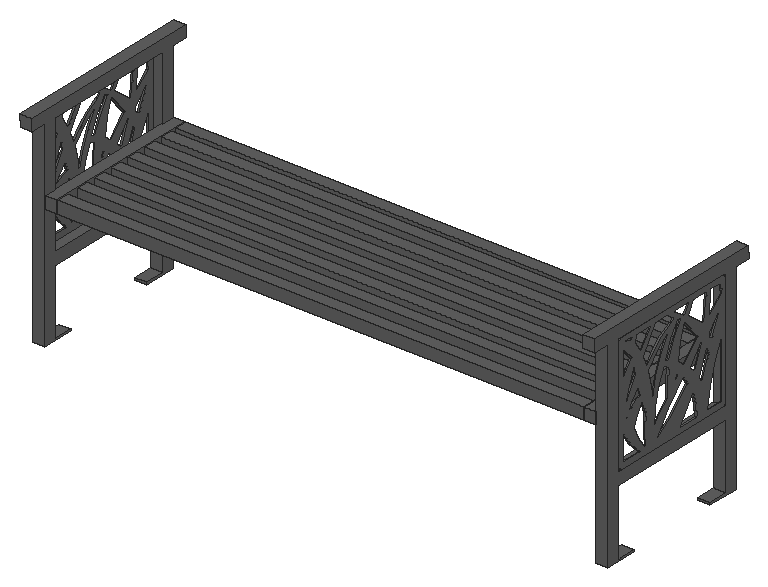
Revit family
Parameters (values of type "TG1-1100")
  URL = "http://www.sitescapesonline.com/index.asp"
  Type Comments = "Backless Bench"
  Side Panel Width = Length  # 6' - 0"
  Seat Panel Width = if(1 = 1, Length - 0' 6", 1' 0")  # 5' - 6"
  Product Page URL = "http://www.sitescapesonline.com/tallgrass-park-benches.asp"
  Product Documentation Link = "http://www.sitescapesonline.com/PDF/TG1-1100%20-%20Customer%20Print.PDF"
  Panel Seat Width = if(1 = 1, Length - 0' 6", 1' 0")  # 5' - 6"
  Panel Back Width = 5' - 7"
  Model = "TG1-1100"
  Manufacturer = "SiteScapes Inc."  # constant formula
  Length = 6' - 0"
  Height = 2' - 2 1/2"  # constant formula
  Frame Width = 5' - 9"
  Bench Material = Steel - SiteScapes - Powder Coat - Onyx
  Description = "TallGrass Pattern, Backless Bench, Six foot length, Steel Bar Ends"
  Depth = 2' - 0"  # constant formula
  Copyright © = "2010 SiteScapes Inc."  # constant formula
  Assembly Code = ""
  03 Seat Panel = Panel-Seat-SiteScapes-Square Tube : Square_Tube_Seat-6ft
Reference planes (in)
  plane 1 "Center Front/Back": y = 0
  plane 2 "Original Bottom": z = 0
  plane 3 "Center Left/Right": x = 0
  plane 4 "Left": x = -36
  plane 5 "Right": x = 36
  plane 6 "Side Panel Width L": x = -34.5
  plane 7 "Side Panel Width R": x = 34.5
  plane 8 "Front": y = -24
  plane 9 "Frame Side Origin F/B": y = 0
  plane 10 "Frame Side Origin T/B": z = 0
  plane 11 "Frame Back Origin F/B": y = 0
  plane 12 "Frame Back Origin T/B": z = 0
  plane 13 "Bracing Origin F/B": y = -22.0625
  plane 14 "Bracing Origin T/B": z = 17
  plane 15 "Panel Seat Origin F/B": y = -22
  plane 16 "Panel Seat Origin T/B": z = 17
  plane 17 "Panel Back Origin F/B": y = 0
  plane 18 "Panel Back Origin T/B": z = 0
  plane 19 "Panel Side Origin F/B": y = -3.5
  plane 20 "Panel Side Origin T/B": z = 10
  plane 21 "Top": z = 26.5
  plane 22 "Side Panel Right": x = 36
  plane 23 "Side Panel Left": x = -36
  plane 24 "Arm Rest Origin T/B": z = 0
  plane 25 "Arm Rest Origin F/B": y = -4.75
Dimensions and locks (in)
  equal spacing: plane 4 "Left", plane 3 "Center Left/Right", plane 5 "Right"
  "Length": plane 4 "Left" to plane 5 "Right"
  locked: plane 23 "Side Panel Left" to plane 6 "Side Panel Width L" at 1.5
  locked: plane 7 "Side Panel Width R" to plane 22 "Side Panel Right" at 1.5
  locked: plane 9 "Frame Side Origin F/B" to plane 1 "Center Front/Back" at 0
  locked: plane 17 "Panel Back Origin F/B" to plane 1 "Center Front/Back"
  locked: plane 11 "Frame Back Origin F/B" to plane 1 "Center Front/Back"
  locked: plane 19 "Panel Side Origin F/B" to plane 1 "Center Front/Back" at 3.5
  locked: plane 13 "Bracing Origin F/B" to plane 1 "Center Front/Back" at 22.0625
  locked: plane 15 "Panel Seat Origin F/B" to plane 1 "Center Front/Back" at 22
  "Depth": plane 8 "Front" to plane 1 "Center Front/Back"
  locked: plane 10 "Frame Side Origin T/B" to plane 2 "Original Bottom"
  locked: plane 12 "Frame Back Origin T/B" to plane 2 "Original Bottom"
  locked: plane 18 "Panel Back Origin T/B" to plane 2 "Original Bottom"
  locked: plane 14 "Bracing Origin T/B" to plane 2 "Original Bottom" at 17
  locked: plane 20 "Panel Side Origin T/B" to plane 2 "Original Bottom" at 10
  locked: plane 16 "Panel Seat Origin T/B" to plane 2 "Original Bottom" at 17
  "Height": plane 21 "Top" to plane 2 "Original Bottom"
  "Side Panel Width": plane 23 "Side Panel Left" to plane 22 "Side Panel Right"
  locked: plane 24 "Arm Rest Origin T/B" to plane 2 "Original Bottom"
  aligned and locked: level to plane 2 "Original Bottom"
  aligned: nested 1 to plane 5 "Right"
  aligned: plane 4 "Left" to nested 2
  aligned: nested 1 to plane 10 "Frame Side Origin T/B"
  aligned: nested 1 to plane 9 "Frame Side Origin F/B"
  aligned: plane 10 "Frame Side Origin T/B" to nested 1
  aligned and locked: nested 1 to plane 22 "Side Panel Right"
  aligned and locked: plane 23 "Side Panel Left" to nested 2
  aligned and locked: plane 20 "Panel Side Origin T/B" to nested 3
  aligned and locked: nested 3 to plane 19 "Panel Side Origin F/B"
  aligned and locked: nested 4 to plane 19 "Panel Side Origin F/B"
  aligned and locked: plane 20 "Panel Side Origin T/B" to nested 4
  aligned and locked: plane 23 "Side Panel Left" to nested 4
  aligned and locked: nested 3 to plane 22 "Side Panel Right"
  aligned and locked: plane 10 "Frame Side Origin T/B" to nested 2
  aligned and locked: nested 1 to plane 9 "Frame Side Origin F/B"
  aligned and locked: plane 10 "Frame Side Origin T/B" to nested 1
  aligned and locked: nested 2 to plane 9 "Frame Side Origin F/B"
  aligned and locked: plane 23 "Side Panel Left" to plane 4 "Left"
  aligned and locked: plane 3 "Center Left/Right" to nested 5
  aligned and locked: plane 16 "Panel Seat Origin T/B" to nested 5
  aligned and locked: nested 5 to plane 15 "Panel Seat Origin F/B"
Nested families (in)
  nested 1: "Frame-Side-SiteScapes-Backless_Wall_Steel_Tubing" at (35.25, 0, 0), type "24"x26 1/2""
    with Width 0' - 1 1/2"
  nested 2: "Frame-Side-SiteScapes-Backless_Wall_Steel_Tubing" at (-35.25, 0, 0), type "24"x26 1/2""
    with Width 0' - 1 1/2"
  nested 3: "Panel-Side-SiteScapes-Backless_Steel_Sheet_Metal_TG" at (35.90625, -3.5, 10), type "1' 8 3/4"x9 1/4""
  nested 4: "Panel-Side-SiteScapes-Backless_Steel_Sheet_Metal_TG" at (-35.90625, -3.5, 10), type "1' 8 3/4"x9 1/4""
  nested 5: "Panel-Seat-SiteScapes-Square Tube" at (0, -1.93572, 15.5), type <- "03 Seat Panel", type "Square_Tube_Seat-6ft"
    with Has Support Bars yes
Definition of nested family "Frame-Side-SiteScapes-Backless_Wall_Steel_Tubing"
  Parameters (values of type "24"x26 1/2"")
    Width = 0' - 1"
    URL = "http://www.sitescapesonline.com/index.asp"
    Product Page URL = ""
    Product Documentation Link = ""
    Material = none
    Manufacturer = "SiteScapes Inc."  # constant formula
    Legs Inset = 0' - 2"
    Frame Back Height = 2' - 9 7/8"
    Depth = 2' - 0"
    Copyright © = "2010 SiteScapes Inc."  # constant formula
    Bracing Height Inset = 0' - 10"
    Arm Rest Height = 2' - 2 1/2"
  Reference planes (in)
    plane 1 "Center (Front/Back)": y = 0
    plane 2 "Original Bottom": z = 0
    plane 3 "Center (Left/Right)": x = 0
    plane 4 "Left": x = -0.5
    plane 5 "Right": x = 0.5
    plane 6 "Right Offset": x = 0.75
    plane 7 "Left Offset": x = -0.75
    plane 8 "Bottom Base": z = 0.25
    plane 9 "Back Inset": y = -2
    plane 10 "Front": y = -24
    plane 11 "Front Inset": y = -22
    plane 12: z = 26.5
    plane 13: z = 10
    plane 14 "Leg Width Right": y = -3.5
    plane 15 "Leg Width Left": y = -20.5
    plane 16 "Frame Width Top": z = 25
    plane 17 "Bracing Width Bottom": z = 8.5
    plane 18 "Base Left": y = -18
    plane 19 "Base Rigght": y = -6
  Forms (in)
    Sweep 1, solid, material <- "Material", detail levels medium+fine
      path origin (0, 0, 0) x (1, 0, 0) y (0, 0, 1)
        loop
          line (0.5, 33.875) -> (-0.5, 33.875)
      profile origin (0, 0, 33.875) x (0, 0, -1) y (0, -1, 0)
        loop
          line (7.375, 0) -> (8.875, 0) -> (8.875, 2) -> (33.625, 2) -> (33.875, 2) -> (33.875, 6) -> (33.625, 6) -> (33.625, 3.5) -> (25.375, 3.5) -> (25.375, 20.5) -> (33.625, 20.5) -> (33.625, 18) -> (33.875, 18) -> (33.875, 22) -> (33.625, 22) -> (8.875, 22) -> (8.875, 24) -> (7.375, 24) -> (7.375, 0)
        loop
          line (23.875, 3.5) -> (23.875, 20.5) -> (8.875, 20.5) -> (8.875, 3.5) -> (23.875, 3.5)
  Lines and regions (in)
    Masking region 1, detail levels medium+fine
      outline origin (0, -27.75, 0) x (-1, 0, 0) y (0, 0, 1)
        loop
          line (0.5, 0) -> (0.5, 26.5) -> (-0.5, 26.5) -> (-0.5, 0) -> (0.5, 0)
    Masking region 2, detail levels medium+fine
      outline origin (0, 0, 0) x (0, 1, 0) y (0, 0, 1)
        loop
          line (-2, 0) -> (-2, 25) -> (0, 25) -> (0, 26.5) -> (-24, 26.5) -> (-24, 26.25) -> (-24, 25.25) -> (-24, 25) -> (-22, 25) -> (-22, 0) -> (-18, 0) -> (-18, 0.25) -> (-20.5, 0.25) -> (-20.5, 8.5) -> (-3.5, 8.5) -> (-3.5, 0.25) -> (-6, 0.25) -> (-6, 0) -> (-2, 0)
        loop
          line (-20.5, 25) -> (-20.5, 10) -> (-3.5, 10) -> (-3.5, 25) -> (-20.5, 25)
    Masking region 3, detail levels medium+fine
      outline origin (0, 0, 0) x (1, 0, 0) y (0, 1, 0)
        loop
          line (-0.5, 0) -> (-0.5, -24) -> (0.5, -24) -> (0.5, 0) -> (-0.5, 0)
    model lines, style "Bench Frame", detail levels coarse
      curve 1: line (0, -22, 26.5) -> (0, -22, 0)
      curve 2: line (0, -2, 0) -> (0, -2, 26.5)
      curve 3: line (0, -24, 26.5) -> (0, 0, 26.5)
      curve 4: line (0, -2, 10) -> (0, -22, 10)
  Dimensions and locks (in)
    equal spacing: plane 4 "Left", plane 3 "Center (Left/Right)", plane 5 "Right"
    "Width": plane 4 "Left" to plane 5 "Right"
    locked: plane 5 "Right" to plane 6 "Right Offset" at 0.25
    locked: plane 7 "Left Offset" to plane 4 "Left" at 0.25
    locked: plane 8 "Bottom Base" to plane 2 "Original Bottom" at 0.25
    "Arm Rest Height": plane 12 to plane 2 "Original Bottom"
    "Bracing Height Inset": plane 13 to plane 2 "Original Bottom"
    "Legs Inset": plane 10 "Front" to plane 11 "Front Inset"
    "Legs Inset": plane 9 "Back Inset" to plane 1 "Center (Front/Back)"
    "Depth": plane 10 "Front" to plane 1 "Center (Front/Back)"
    locked: plane 14 "Leg Width Right" to plane 9 "Back Inset" at 1.5
    locked: plane 11 "Front Inset" to plane 15 "Leg Width Left" at 1.5
    locked: plane 12 to plane 16 "Frame Width Top" at 1.5
    locked: plane 13 to plane 17 "Bracing Width Bottom" at 1.5
    locked: plane 11 "Front Inset" to plane 18 "Base Left" at 4
    locked: plane 19 "Base Rigght" to plane 9 "Back Inset" at 4
    aligned and locked: plane 2 "Original Bottom" to level
    aligned and locked: plane 5 "Right" to Sweep 1 sketch curve
    aligned and locked: plane 4 "Left" to Sweep 1 sketch curve
    aligned: Masking region 1 to plane 6 "Right Offset"  (x2)
    aligned: Masking region 1 to plane 7 "Left Offset"  (x2)
    aligned and locked: Masking region 1 to plane 5 "Right"
    aligned and locked: Masking region 1 to plane 4 "Left"
    aligned and locked: level to Masking region 1
    aligned: Masking region 1 to Sweep 1  (x3)
    aligned: Masking region 1 to plane 8 "Bottom Base"  (x2)
    aligned: Sweep 1 to plane 9 "Back Inset"
    aligned: Sweep 1 to plane 1 "Center (Front/Back)"
    aligned: Sweep 1 to plane 10 "Front"
    aligned: Masking region 2 to plane 9 "Back Inset"
    aligned: Masking region 2 to plane 1 "Center (Front/Back)"
    aligned: plane 11 "Front Inset" to Sweep 1
    aligned: Sweep 1 to Masking region 2  (x3)
    aligned: Masking region 2 to Sweep 1  (x6)
    aligned: Masking region 2 to plane 10 "Front"
    aligned: plane 8 "Bottom Base" to Masking region 2
    aligned: plane 11 "Front Inset" to Masking region 2
    aligned: Masking region 2 to level  (x2)
    aligned: Masking region 3 to Sweep 1  (x2)
    aligned and locked: Masking region 3 to Sweep 1
    aligned and locked: plane 12 to Sweep 1
    aligned and locked: plane 13 to Sweep 1
    aligned and locked: Masking region 1 to plane 12
    aligned and locked: plane 13 to curve 4
    aligned and locked: Masking region 2 sketch curve to plane 14 "Leg Width Right"  (x2)
    aligned and locked: plane 9 "Back Inset" to Masking region 2 sketch curve
    aligned and locked: Masking region 2 sketch curve to plane 1 "Center (Front/Back)"
    aligned and locked: plane 15 "Leg Width Left" to Masking region 2 sketch curve  (x2)
    aligned and locked: Masking region 2 sketch curve to plane 11 "Front Inset"
    aligned and locked: Masking region 2 sketch curve to plane 10 "Front"
    aligned and locked: plane 8 "Bottom Base" to Masking region 2 sketch curve  (x2)
    aligned and locked: Masking region 2 sketch curve to plane 2 "Original Bottom"  (x2)
    aligned and locked: plane 13 to Masking region 2 sketch curve
    aligned and locked: plane 12 to Masking region 2 sketch curve
    aligned and locked: Masking region 2 sketch curve to plane 16 "Frame Width Top"  (x3)
    aligned and locked: plane 15 "Leg Width Left" to Sweep 1 sketch curve  (x2)
    aligned and locked: Sweep 1 sketch curve to plane 14 "Leg Width Right"
    aligned and locked: plane 14 "Leg Width Right" to Sweep 1 sketch curve
    aligned and locked: Sweep 1 sketch curve to plane 11 "Front Inset"
    aligned and locked: plane 9 "Back Inset" to Sweep 1 sketch curve
    aligned and locked: plane 1 "Center (Front/Back)" to Sweep 1 sketch curve
    aligned and locked: plane 12 to Sweep 1 sketch curve
    aligned and locked: plane 16 "Frame Width Top" to Sweep 1 sketch curve
    aligned and locked: Sweep 1 sketch curve to plane 16 "Frame Width Top"
    aligned and locked: plane 10 "Front" to Sweep 1 sketch curve
    aligned and locked: Sweep 1 sketch curve to plane 2 "Original Bottom"
    aligned and locked: plane 8 "Bottom Base" to Sweep 1 sketch curve
    aligned and locked: plane 13 to Sweep 1 sketch curve
    aligned and locked: curve 3 to plane 12
    aligned and locked: plane 9 "Back Inset" to curve 2
    aligned and locked: curve 1 to plane 11 "Front Inset"
    aligned and locked: plane 18 "Base Left" to Masking region 2 sketch curve
    aligned and locked: Masking region 2 sketch curve to plane 19 "Base Rigght"
    aligned and locked: Sweep 1 sketch curve to plane 19 "Base Rigght"
    aligned and locked: plane 18 "Base Left" to Sweep 1 sketch curve
    aligned and locked: Sweep 1 sketch curve to plane 17 "Bracing Width Bottom"
    aligned and locked: plane 10 "Front" to curve 3
    aligned and locked: plane 1 "Center (Front/Back)" to curve 3
    aligned and locked: plane 5 "Right" to Masking region 1 sketch curve
    aligned and locked: plane 4 "Left" to Masking region 1 sketch curve
    aligned and locked: Masking region 1 sketch curve to plane 12
    aligned and locked: Masking region 1 sketch curve to plane 2 "Original Bottom"
    aligned and locked: plane 1 "Center (Front/Back)" to Masking region 3 sketch curve
    aligned and locked: plane 10 "Front" to Masking region 3 sketch curve
    aligned and locked: Masking region 3 sketch curve to plane 4 "Left"
    aligned and locked: Masking region 3 sketch curve to plane 5 "Right"
  Automatic sketch dimensions
    plane 12 to Sweep 1 sketch curve = 0' - 7 3/8"
    Masking region 2 sketch curve to plane 13 = 0' - 1 1/2"
    plane 16 "Frame Width Top" to Masking region 2 sketch curve = 0' - 0 1/4"
    Masking region 2 sketch curve to plane 12 = 0' - 0 1/4"
    Sweep 1 sketch curve to Sweep 1 sketch curve = 0' - 0"  (x3)
    Sweep 1 sketch curve to Sweep 1 sketch curve = 0' - 8 1/4"
    Sweep 1 sketch curve to Sweep 1 sketch curve = 0' - 0 1/4"
    curve 2 to level = 0' - 0"
    curve 1 to level = 0' - 0"
Definition of nested family "Panel-Side-SiteScapes-Backless_Steel_Sheet_Metal_TG"
  Parameters (values of type "1' 8 3/4"x9 1/4"")
    Thickness = 0' - 0 3/16"
    Product Page URL = ""
    Product Documentation Link = ""
    Material = none
    Height = 1' - 2.88"
    Depth = 1' - 4.88"
    Copyright © = ""
  Reference planes (in)
    plane 1 "Center (Front/Back)": y = 0
    plane 2 "Original Bottom": z = 0
    plane 3 "Center (Left/Right)": x = 0
    plane 4 "Left": x = -0.09375
    plane 5 "Right": x = 0.09375
    plane 6 "Front": y = -16.88
    plane 7 "Front Inset": y = -16.13
    plane 8 "Back Inset": y = -0.75
    plane 9 "Top Inset": z = 8.5
    plane 10 "Top": z = 14.88
    plane 11 "Inset": z = 14.16875
    plane 12 "Bottom Inset": z = 0.71125
  Forms (in)
    Sweep 1, solid, material <- "Material", detail levels medium+fine
      path origin (0, 0, 0) x (1, 0, 0) y (0, 0, 1)
        loop
          line (0.09375, 9.25) -> (-0.09375, 9.25)
      profile origin (0, 0, 9.25) x (0, 0, -1) y (0, -1, 0)
        loop
          line (-5.63, 0.41795) -> (-5.13193, 0.00003) -> (8.75, 0.00003) -> (9.25, 0.50003) -> (9.25, 16.38003) -> (8.75, 16.88003) -> (-5.13, 16.88003) -> (-5.63, 16.38003) -> (-5.63, 0.41795)
        loop
          arc (-4.49238, 14.66787) -> (-4.76259, 15.39326) -> (-5, 16.13003) r 17.25635
          line (-5, 16.13003) -> (-5, 14.5756)
          arc (-5, 14.5756) -> (-4.74605, 14.62097) -> (-4.49238, 14.66787) r 42.89899
        loop
          arc (-2.61644, 14.803) -> (-1.6961, 15.48454) -> (-0.75012, 16.13003) r 29.65268
          arc (-0.75012, 16.13003) -> (-2.42466, 16.111) -> (-4.0992, 16.13003) r 73.69906
          arc (-4.0992, 16.13003) -> (-3.38316, 15.43821) -> (-2.61644, 14.803) r 13.04859
        loop
          arc (-5, 11.60066) -> (-3.84987, 12.49246) -> (-2.65737, 13.32674) r 29.65268
          arc (-2.65737, 13.32674) -> (-3.40649, 13.75256) -> (-4.13342, 14.21525) r 17.25635
          arc (-4.13342, 14.21525) -> (-4.56658, 14.16819) -> (-5, 14.12369) r 73.69906
          line (-5, 14.12369) -> (-5, 11.60066)
        loop
          line (-5, 11.09869) -> (-5, 9.20696)
          arc (-5, 9.20696) -> (-4.61098, 8.62976) -> (-4.207, 8.06293) r 26.61382
          arc (-4.207, 8.06293) -> (-4.01398, 8.35133) -> (-3.81501, 8.63565) r 16.68948
          arc (-3.81501, 8.63565) -> (-2.41048, 10.70295) -> (-0.55568, 12.3781) r 10.46148
          arc (-0.55568, 12.3781) -> (-1.24478, 12.65338) -> (-1.92141, 12.95803) r 17.25635
          arc (-1.92141, 12.95803) -> (-3.49558, 12.0861) -> (-5, 11.09869) r 24.00325
        loop
          arc (-5, 5.61732) -> (-4.3735, 6.06994) -> (-3.71805, 6.47952) r 11.51673
          arc (-3.71805, 6.47952) -> (-4.37632, 7.37986) -> (-5, 8.3045) r 29.42867
          line (-5, 8.3045) -> (-5, 5.61732)
        loop
          arc (-1.51765, 3.41993) -> (-2.56689, 4.70652) -> (-3.54298, 6.04946) r 29.84953
          arc (-3.54298, 6.04946) -> (-4.28196, 5.65306) -> (-5, 5.21988) r 16.61277
          line (-5, 5.21988) -> (-5, 3.02736)
          arc (-5, 3.02736) -> (-3.24981, 3.14365) -> (-1.51765, 3.41993) r 19.11033
        loop
          arc (-3.59337, 0.63003) -> (-2.78503, 1.64998) -> (-1.92141, 2.62357) r 23.47604
          arc (-1.92141, 2.62357) -> (-3.45848, 2.50644) -> (-5, 2.50816) r 19.98036
          line (-5, 2.50816) -> (-5, 0.87994)
          arc (-5, 0.87994) -> (-4.29793, 0.74796) -> (-3.59337, 0.63003) r 35.78406
        loop
          arc (-2.66684, 0.63003) -> (-1.00368, 1.503) -> (0.71702, 2.25623) r 26.55594
          arc (0.71702, 2.25623) -> (0.47589, 2.49666) -> (0.2376, 2.73991) r 29.01253
          arc (0.2376, 2.73991) -> (0.02542, 2.73878) -> (-0.18677, 2.73991) r 19.92116
          arc (-0.18677, 2.73991) -> (-1.46952, 1.73517) -> (-2.66684, 0.63003) r 20.13805
        loop
          arc (-0.43199, 4.39302) -> (0.68887, 5.50164) -> (1.88162, 6.53254) r 23.47604
          arc (1.88162, 6.53254) -> (1.36187, 7.00926) -> (0.89014, 7.53355) r 7.36036
          arc (0.89014, 7.53355) -> (-1.13132, 7.20045) -> (-3.0978, 6.62578) r 16.94182
          arc (-3.0978, 6.62578) -> (-1.8014, 5.46581) -> (-0.43199, 4.39302) r 26.61382
        loop
          arc (-3.54298, 7.06118) -> (-1.71897, 8.16522) -> (0.2376, 9.0124) r 15.72707
          line (0.2376, 9.0124) -> (-0.06295, 9.64502)
          arc (-0.06295, 9.64502) -> (-2.11436, 8.74095) -> (-4.00322, 7.53355) r 14.60322
          arc (-4.00322, 7.53355) -> (-3.77456, 7.29594) -> (-3.54298, 7.06118) r 26.61382
        loop
          arc (-3.31043, 8.80059) -> (0.00942, 10.54089) -> (3.63393, 11.49639) r 16.68948
          arc (3.63393, 11.49639) -> (1.76688, 11.73626) -> (-0.06295, 12.17806) r 17.25635
          arc (-0.06295, 12.17806) -> (-1.85051, 10.64684) -> (-3.31043, 8.80059) r 12.18885
        loop
          arc (-0.47845, 14.04714) -> (1.36789, 15.22835) -> (3.3657, 16.13003) r 15.11108
          arc (3.3657, 16.13003) -> (0.78178, 15.40965) -> (-1.70563, 14.40545) r 24.00325
          arc (-1.70563, 14.40545) -> (-1.09643, 14.21126) -> (-0.47845, 14.04714) r 13.04859
        loop
          arc (2.22276, 13.32674) -> (2.76596, 14.71218) -> (3.8272, 15.75539) r 3.56669
          arc (3.8272, 15.75539) -> (2.37138, 14.86278) -> (1.05459, 13.77547) r 12.18885
          arc (1.05459, 13.77547) -> (1.63329, 13.5371) -> (2.22276, 13.32674) r 13.04859
        loop
          arc (2.9473, 13.11408) -> (3.69401, 12.8451) -> (4.45501, 12.61971) r 13.73188
          arc (4.45501, 12.61971) -> (6.48191, 12.68245) -> (8.5, 12.48356) r 15.70934
          arc (8.5, 12.48356) -> (7.02304, 13.57868) -> (5.37111, 14.38601) r 10.03755
          arc (5.37111, 14.38601) -> (4.08467, 13.89208) -> (2.9473, 13.11408) r 5.91904
        loop
          arc (5.30202, 16.13003) -> (7.01106, 14.93519) -> (8.5, 13.47522) r 12.6195
          line (8.5, 13.47522) -> (8.5, 16.13003) -> (5.30202, 16.13003)
        loop
          arc (0.47979, 9.8006) -> (0.67503, 9.40133) -> (0.89014, 9.0124) r 8.82194
          arc (0.89014, 9.0124) -> (2.66895, 9.17753) -> (4.45501, 9.13986) r 15.72707
          arc (4.45501, 9.13986) -> (5.52034, 10.29232) -> (6.76104, 11.25345) r 9.48992
          arc (6.76104, 11.25345) -> (3.53924, 10.87798) -> (0.47979, 9.8006) r 14.60322
        loop
          arc (2.51128, 7.43159) -> (2.91589, 7.86105) -> (3.40068, 8.19738) r 2.83302
          arc (3.40068, 8.19738) -> (2.80276, 8.058) -> (2.22276, 7.85665) r 5.84228
          arc (2.22276, 7.85665) -> (2.36887, 7.64537) -> (2.51128, 7.43159) r 14.83021
        loop
          arc (8.5, 11.06592) -> (5.53685, 9.17645) -> (2.9473, 6.80062) r 20.13805
          arc (2.9473, 6.80062) -> (3.47943, 6.40449) -> (4.03983, 6.04946) r 8.82194
          arc (4.03983, 6.04946) -> (6.4919, 8.36033) -> (8.5, 11.06592) r 19.11033
        loop
          line (8.5, 4.61807) -> (8.5, 7.39095)
          arc (8.5, 7.39095) -> (6.99981, 6.24512) -> (5.39695, 5.24798) r 19.7213
          arc (5.39695, 5.24798) -> (6.91998, 4.79267) -> (8.5, 4.61807) r 8.82194
        loop
          arc (3.32382, 4.854) -> (2.90264, 5.24571) -> (2.51334, 5.6691) r 7.36036
          arc (2.51334, 5.6691) -> (1.34423, 4.83446) -> (0.2376, 3.91859) r 20.13805
          arc (0.2376, 3.91859) -> (0.35277, 3.84007) -> (0.46836, 3.76215) r 26.61382
          arc (0.46836, 3.76215) -> (1.91795, 4.25088) -> (3.32382, 4.854) r 19.11033
        loop
          arc (2.10532, 2.74868) -> (3.54338, 3.29892) -> (5.01091, 3.7649) r 26.55594
          arc (5.01091, 3.7649) -> (4.61111, 3.96638) -> (4.2243, 4.1918) r 7.36036
          arc (4.2243, 4.1918) -> (2.80739, 3.6383) -> (1.35238, 3.19452) r 19.92116
          arc (1.35238, 3.19452) -> (1.72702, 2.9685) -> (2.10532, 2.74868) r 26.61382
        loop
          line (0.87878, 0.63003) -> (8.5, 0.63003) -> (8.5, 2.94169)
          arc (8.5, 2.94169) -> (4.55446, 2.2307) -> (0.87878, 0.63003) r 17.28796
  Lines and regions (in)
    Masking region 1, detail levels medium+fine
      outline origin (0, 0, 8.5) x (0, -1, 0) y (1, 0, 0)
        loop
          line (0, -0.09375) -> (16.88, -0.09375) -> (16.88, 0.09375) -> (0, 0.09375) -> (0, -0.09375)
    Masking region 2, detail levels medium+fine
      outline origin (0, 0, 0) x (1, 0, 0) y (0, 0, 1)
        loop
          line (-0.09375, 9.25) -> (-0.09375, 0) -> (0.09375, 0) -> (0.09375, 9.25) -> (-0.09375, 9.25)
    Masking region 3, detail levels medium+fine
      outline origin (0, -16.88, 0) x (-1, 0, 0) y (0, 0, 1)
        loop
          line (0.09375, 8.5) -> (-0.09375, 8.5) -> (-0.09375, 0) -> (0.09375, 0) -> (0.09375, 8.5)
        loop
          line (0.09375, 14.88) -> (-0.09375, 14.88) -> (-0.09375, 9.25) -> (0.09375, 9.25) -> (0.09375, 14.88)
        loop
          line (0.09375, 9.20224) -> (-0.09375, 9.20224) -> (-0.09375, 8.55177) -> (0.09375, 8.55177) -> (0.09375, 9.20224)
    Masking region 4, detail levels medium+fine
      outline origin (0, 0, 0) x (1, 0, 0) y (0, 1, 0)
        loop
          line (-0.09375, 0.51004) -> (-0.09375, 0.09209) -> (0.09375, 0.09209) -> (0.09375, 0.51004) -> (-0.09375, 0.51004)
        loop
          line (-0.09375, -16.88) -> (0.09375, -16.88) -> (0.09375, 0) -> (-0.09375, 0) -> (-0.09375, -16.88)
    Masking region 5, detail levels medium+fine
      outline origin (0, 0, 0) x (0, 1, 0) y (0, 0, 1)
        loop
          line (-0.00003, 14.38193) -> (-0.41795, 14.88) -> (-16.38003, 14.88) -> (-16.88003, 14.38) -> (-16.88003, 0.5) -> (-16.38003, 0) -> (-0.50003, 0) -> (-0.00003, 0.5) -> (-0.00003, 14.38193)
        loop
          arc (-14.66787, 13.74238) -> (-14.62097, 13.99605) -> (-14.5756, 14.25) r 42.89899
          line (-14.5756, 14.25) -> (-16.13003, 14.25)
          arc (-16.13003, 14.25) -> (-15.39326, 14.01259) -> (-14.66787, 13.74238) r 17.25635
        loop
          line (-11.60066, 14.25) -> (-14.12369, 14.25)
          arc (-14.12369, 14.25) -> (-14.16819, 13.81658) -> (-14.21525, 13.38342) r 73.69906
          arc (-14.21525, 13.38342) -> (-13.75256, 12.65649) -> (-13.32674, 11.90737) r 17.25635
          arc (-13.32674, 11.90737) -> (-12.49246, 13.09987) -> (-11.60066, 14.25) r 29.65268
        loop
          arc (-8.63565, 13.06501) -> (-8.35133, 13.26398) -> (-8.06293, 13.457) r 16.68948
          arc (-8.06293, 13.457) -> (-8.62976, 13.86098) -> (-9.20696, 14.25) r 26.61382
          line (-9.20696, 14.25) -> (-11.09869, 14.25)
          arc (-11.09869, 14.25) -> (-12.0861, 12.74558) -> (-12.95803, 11.17141) r 24.00325
          arc (-12.95803, 11.17141) -> (-12.65338, 10.49478) -> (-12.3781, 9.80568) r 17.25635
          arc (-12.3781, 9.80568) -> (-10.70295, 11.66048) -> (-8.63565, 13.06501) r 10.46148
        loop
          line (-5.61732, 14.25) -> (-8.3045, 14.25)
          arc (-8.3045, 14.25) -> (-7.37986, 13.62632) -> (-6.47952, 12.96805) r 29.42867
          arc (-6.47952, 12.96805) -> (-6.06994, 13.6235) -> (-5.61732, 14.25) r 11.51673
        loop
          line (-3.02736, 14.25) -> (-5.21988, 14.25)
          arc (-5.21988, 14.25) -> (-5.65306, 13.53196) -> (-6.04946, 12.79298) r 16.61277
          arc (-6.04946, 12.79298) -> (-4.70652, 11.81689) -> (-3.41993, 10.76765) r 29.84953
          arc (-3.41993, 10.76765) -> (-3.14365, 12.49981) -> (-3.02736, 14.25) r 19.11033
        loop
          arc (-0.63003, 12.84337) -> (-0.74796, 13.54793) -> (-0.87994, 14.25) r 35.78406
          line (-0.87994, 14.25) -> (-2.50816, 14.25)
          arc (-2.50816, 14.25) -> (-2.50644, 12.70848) -> (-2.62357, 11.17141) r 19.98036
          arc (-2.62357, 11.17141) -> (-1.64998, 12.03503) -> (-0.63003, 12.84337) r 23.47604
        loop
          arc (-0.63003, 11.91684) -> (-1.73517, 10.71952) -> (-2.73991, 9.43677) r 20.13805
          arc (-2.73991, 9.43677) -> (-2.73878, 9.22458) -> (-2.73991, 9.0124) r 19.92116
          arc (-2.73991, 9.0124) -> (-2.49666, 8.77411) -> (-2.25623, 8.53298) r 29.01253
          arc (-2.25623, 8.53298) -> (-1.503, 10.25368) -> (-0.63003, 11.91684) r 26.55594
        loop
          arc (-14.803, 11.86644) -> (-15.43821, 12.63316) -> (-16.13003, 13.3492) r 13.04859
          arc (-16.13003, 13.3492) -> (-16.111, 11.67466) -> (-16.13003, 10.00012) r 73.69906
          arc (-16.13003, 10.00012) -> (-15.48454, 10.9461) -> (-14.803, 11.86644) r 29.65268
        loop
          arc (-14.04714, 9.72845) -> (-14.21126, 10.34643) -> (-14.40545, 10.95563) r 13.04859
          arc (-14.40545, 10.95563) -> (-15.40965, 8.46822) -> (-16.13003, 5.8843) r 24.00325
          arc (-16.13003, 5.8843) -> (-15.22835, 7.88211) -> (-14.04714, 9.72845) r 15.11108
        loop
          arc (-8.80059, 12.56043) -> (-10.64684, 11.10051) -> (-12.17806, 9.31295) r 12.18885
          arc (-12.17806, 9.31295) -> (-11.73626, 7.48312) -> (-11.49639, 5.61607) r 17.25635
          arc (-11.49639, 5.61607) -> (-10.54089, 9.24058) -> (-8.80059, 12.56043) r 16.68948
        loop
          arc (-7.06118, 12.79298) -> (-7.29594, 13.02456) -> (-7.53355, 13.25322) r 26.61382
          arc (-7.53355, 13.25322) -> (-8.74095, 11.36436) -> (-9.64502, 9.31295) r 14.60322
          line (-9.64502, 9.31295) -> (-9.0124, 9.0124)
          arc (-9.0124, 9.0124) -> (-8.16522, 10.96897) -> (-7.06118, 12.79298) r 15.72707
        loop
          arc (-4.39302, 9.68199) -> (-5.46581, 11.0514) -> (-6.62578, 12.3478) r 26.61382
          arc (-6.62578, 12.3478) -> (-7.20045, 10.38132) -> (-7.53355, 8.35986) r 16.94182
          arc (-7.53355, 8.35986) -> (-7.00926, 7.88813) -> (-6.53254, 7.36838) r 7.36036
          arc (-6.53254, 7.36838) -> (-5.50164, 8.56113) -> (-4.39302, 9.68199) r 23.47604
        loop
          arc (-3.76215, 8.78164) -> (-3.84007, 8.89723) -> (-3.91859, 9.0124) r 26.61382
          arc (-3.91859, 9.0124) -> (-4.83446, 7.90577) -> (-5.6691, 6.73666) r 20.13805
          arc (-5.6691, 6.73666) -> (-5.24571, 6.34736) -> (-4.854, 5.92618) r 7.36036
          arc (-4.854, 5.92618) -> (-4.25088, 7.33205) -> (-3.76215, 8.78164) r 19.11033
        loop
          arc (-2.74868, 7.14468) -> (-2.9685, 7.52298) -> (-3.19452, 7.89762) r 26.61382
          arc (-3.19452, 7.89762) -> (-3.6383, 6.44261) -> (-4.1918, 5.0257) r 19.92116
          arc (-4.1918, 5.0257) -> (-3.96638, 4.63889) -> (-3.7649, 4.23909) r 7.36036
          arc (-3.7649, 4.23909) -> (-3.29892, 5.70662) -> (-2.74868, 7.14468) r 26.55594
        loop
          line (-2.94169, 0.75) -> (-0.63003, 0.75) -> (-0.63003, 8.37122)
          arc (-0.63003, 8.37122) -> (-2.2307, 4.69554) -> (-2.94169, 0.75) r 17.28796
        loop
          arc (-5.24798, 3.85305) -> (-6.24512, 2.25019) -> (-7.39095, 0.75) r 19.7213
          line (-7.39095, 0.75) -> (-4.61807, 0.75)
          arc (-4.61807, 0.75) -> (-4.79267, 2.33002) -> (-5.24798, 3.85305) r 8.82194
        loop
          arc (-6.04946, 5.21017) -> (-6.40449, 5.77057) -> (-6.80062, 6.3027) r 8.82194
          arc (-6.80062, 6.3027) -> (-9.17645, 3.71315) -> (-11.06592, 0.75) r 20.13805
          arc (-11.06592, 0.75) -> (-8.36033, 2.7581) -> (-6.04946, 5.21017) r 19.11033
        loop
          arc (-7.43159, 6.73872) -> (-7.64537, 6.88113) -> (-7.85665, 7.02724) r 14.83021
          arc (-7.85665, 7.02724) -> (-8.058, 6.44724) -> (-8.19738, 5.84932) r 5.84228
          arc (-8.19738, 5.84932) -> (-7.86105, 6.33411) -> (-7.43159, 6.73872) r 2.83302
        loop
          arc (-9.13986, 4.79499) -> (-9.17753, 6.58105) -> (-9.0124, 8.35986) r 15.72707
          arc (-9.0124, 8.35986) -> (-9.40133, 8.57497) -> (-9.8006, 8.77021) r 8.82194
          arc (-9.8006, 8.77021) -> (-10.87798, 5.71076) -> (-11.25345, 2.48896) r 14.60322
          arc (-11.25345, 2.48896) -> (-10.29232, 3.72966) -> (-9.13986, 4.79499) r 9.48992
        loop
          line (-16.13003, 3.94798) -> (-16.13003, 0.75) -> (-13.47522, 0.75)
          arc (-13.47522, 0.75) -> (-14.93519, 2.23894) -> (-16.13003, 3.94798) r 12.6195
        loop
          arc (-12.61971, 4.79499) -> (-12.8451, 5.55599) -> (-13.11408, 6.3027) r 13.73188
          arc (-13.11408, 6.3027) -> (-13.89208, 5.16533) -> (-14.38601, 3.87889) r 5.91904
          arc (-14.38601, 3.87889) -> (-13.57868, 2.22696) -> (-12.48356, 0.75) r 10.03755
          arc (-12.48356, 0.75) -> (-12.68245, 2.76809) -> (-12.61971, 4.79499) r 15.70934
        loop
          arc (-13.32674, 7.02724) -> (-13.5371, 7.61671) -> (-13.77547, 8.19541) r 13.04859
          arc (-13.77547, 8.19541) -> (-14.86278, 6.87862) -> (-15.75539, 5.4228) r 12.18885
          arc (-15.75539, 5.4228) -> (-14.71218, 6.48404) -> (-13.32674, 7.02724) r 3.56669
    model lines, style "Bench Panel", detail levels coarse
      curve 1: arc (0, -16.50501, 14.11637) -> (0, -12.23082, 7.89929) -> (0, -12.11225, 0.35563) r 13.04859
      curve 2: line (0, -16.50501, 0.35563) -> (0, -0.31501, 0.35563)
      curve 3: line (0, -16.50501, 14.565) -> (0, -16.50501, 0.35563)
      curve 4: line (0, -0.31501, 14.565) -> (0, -16.50501, 14.565)
      curve 5: line (0, -0.31501, 0.35563) -> (0, -0.31501, 14.565)
      curve 6: arc (0, -16.50501, 5.77252) -> (0, -14.86847, 2.79145) -> (0, -12.49533, 0.35563) r 12.6195
      curve 7: arc (0, -15.28121, 3.38375) -> (0, -14.18223, 5.82542) -> (0, -12.11979, 7.533) r 5.91904
      curve 8: arc (0, -13.20229, 10.17248) -> (0, -14.895, 7.56566) -> (0, -16.01855, 4.66766) r 15.11108
      curve 9: arc (0, -16.50501, 7.36636) -> (0, -15.65373, 9.82098) -> (0, -14.54213, 12.16922) r 24.00325
      curve 10: arc (0, -14.54213, 12.16922) -> (0, -14.38707, 13.36213) -> (0, -14.3746, 14.565) r 10.12302
      curve 11: arc (0, -13.46908, 10.63916) -> (0, -12.38865, 12.65815) -> (0, -11.12074, 14.565) r 24.00325
      curve 12: arc (0, -1.74299, 7.85924) -> (0, -5.27579, 11.54515) -> (0, -9.39249, 14.565) r 29.42867
      curve 13: arc (0, -10.25459, 8.98945) -> (0, -9.23724, 11.37129) -> (0, -7.81511, 13.53594) r 14.60322
      curve 14: arc (0, -11.61704, 4.263) -> (0, -11.13625, 6.684) -> (0, -10.25459, 8.98945) r 14.60322
      curve 15: arc (0, -8.20027, 13.02741) -> (0, -10.72598, 11.39036) -> (0, -12.68107, 9.10194) r 10.46148
      curve 16: arc (0, -2.64754, 14.565) -> (0, -4.34057, 6.77628) -> (0, -9.06346, 0.35563) r 19.11033
      curve 17: arc (0, -10.23506, 9.04898) -> (0, -5.68893, 5.9449) -> (0, -3.86807, 0.75) r 8.82194
      curve 18: arc (0, -11.76591, 0.35563) -> (0, -8.28776, 5.33517) -> (0, -3.48308, 9.05113) r 20.13805
      curve 19: arc (0, -7.16377, 13.06732) -> (0, -8.53837, 9.04172) -> (0, -8.78385, 4.79499) r 15.72707
      curve 20: arc (0, -0.31501, 10.46837) -> (0, -2.58007, 5.63187) -> (0, -3.40679, 0.35563) r 18.96356
      curve 21: arc (0, -3.30963, 9.65335) -> (0, -1.95111, 11.28945) -> (0, -0.31501, 12.64796) r 11.52039
  Dimensions and locks (in)
    equal spacing: plane 4 "Left", plane 3 "Center (Left/Right)", plane 5 "Right"
    "Thickness": plane 4 "Left" to plane 5 "Right"
    "Depth": plane 6 "Front" to plane 1 "Center (Front/Back)"
    locked: plane 8 "Back Inset" to plane 1 "Center (Front/Back)" at 0.75
    locked: plane 6 "Front" to plane 7 "Front Inset" at 0.75
    "Height": plane 10 "Top" to plane 2 "Original Bottom"
    locked: plane 10 "Top" to plane 11 "Inset" at 0.71125
    locked: plane 12 "Bottom Inset" to plane 2 "Original Bottom" at 0.71125
    aligned and locked: plane 2 "Original Bottom" to level
    aligned and locked: plane 5 "Right" to Sweep 1 sketch curve
    aligned and locked: plane 4 "Left" to Sweep 1 sketch curve
    aligned and locked: plane 6 "Front" to Masking region 1 sketch curve
    aligned and locked: plane 1 "Center (Front/Back)" to Masking region 1 sketch curve
    aligned and locked: Masking region 1 sketch curve to plane 5 "Right"
    aligned and locked: Masking region 1 sketch curve to plane 4 "Left"
    aligned and locked: Masking region 2 sketch curve to plane 5 "Right"
    aligned and locked: Masking region 2 sketch curve to plane 4 "Left"
    aligned and locked: plane 2 "Original Bottom" to Masking region 2 sketch curve
    aligned: plane 7 "Front Inset" to Sweep 1
    aligned: plane 10 "Top" to Sweep 1
    aligned: Sweep 1 to plane 11 "Inset"
    aligned and locked: plane 4 "Left" to Sweep 1
    aligned and locked: Sweep 1 to plane 5 "Right"
    aligned and locked: Masking region 3 sketch curve to Sweep 1  (x4)
    aligned and locked: plane 9 "Top Inset" to Masking region 3 sketch curve
    aligned and locked: Sweep 1 to Masking region 3 sketch curve
    aligned and locked: Masking region 3 sketch curve to Masking region 2  (x2)
    aligned and locked: plane 4 "Left" to Masking region 3 sketch curve
    aligned and locked: Sweep 1 to Masking region 4 sketch curve
    aligned and locked: Masking region 4 sketch curve to Sweep 1  (x2)
    aligned and locked: Masking region 4 sketch curve to Masking region 1  (x2)
    aligned and locked: Masking region 5 sketch curve to Sweep 1  (x80)
  Automatic sketch dimensions
    plane 9 "Top Inset" to Sweep 1 sketch curve = 0' - 0 3/4"
    plane 9 "Top Inset" to Masking region 2 sketch curve = 0' - 0 3/4"
    Masking region 3 sketch curve to Masking region 3 sketch curve = 0' - 0.04776"
    Masking region 4 sketch curve to plane 6 "Front" = 0' - 0"
    Masking region 5 sketch curve to level = 0' - 0"
    Masking region 5 sketch curve to plane 7 "Front Inset" = 0' - 0.25003"  (x2)
    Masking region 5 sketch curve to plane 12 "Bottom Inset" = 0' - 0.21125"
    plane 11 "Inset" to Masking region 5 sketch curve = 0' - 0.21125"
    plane 11 "Inset" to Masking region 5 sketch curve = 0' - 0.21318"
    plane 1 "Center (Front/Back)" to Sweep 1 sketch curve = 0' - 0.00003"
    plane 1 "Center (Front/Back)" to Sweep 1 sketch curve = 0' - 0 107/256"
    profile plane to Sweep 1 sketch curve = 0' - 5.63"
    Sweep 1 sketch curve to Sweep 1 sketch curve = 0' - 0 1/2"  (x5)
    plane 1 "Center (Front/Back)" to Sweep 1 sketch curve = 0' - 0.50003"
    Masking region 3 sketch curve to plane 5 "Right" = 0' - 0"
    Masking region 3 sketch curve to Masking region 3 sketch curve = 0' - 0.05177"
    Masking region 4 sketch curve to plane 1 "Center (Front/Back)" = 0' - 0.09209"
    Masking region 4 sketch curve to Masking region 4 sketch curve = 0' - 0 107/256"
    profile plane to Sweep 1 sketch curve = 1' - 0.41858"
    Sweep 1 sketch curve to Sweep 1 sketch curve = 0' - 0.50762"
    Sweep 1 sketch curve to Sweep 1 sketch curve = 0' - 0.09228"
    Sweep 1 sketch curve to Sweep 1 sketch curve = 0' - 0 1/4"
    profile plane to Sweep 1 sketch curve = 0' - 2.42466"
    profile plane to Sweep 1 sketch curve = 0' - 0.75012"
    Sweep 1 sketch curve to profile plane = 0' - 5.31886"
    Sweep 1 sketch curve to plane 1 "Center (Front/Back)" = 0' - 8.68193"
    Sweep 1 sketch curve to Sweep 1 sketch curve = 2' - 8.98179"
    Sweep 1 sketch curve to Sweep 1 sketch curve = 0' - 9.88603"
    Sweep 1 sketch curve to Sweep 1 sketch curve = 0' - 0.35896"
    Sweep 1 sketch curve to Sweep 1 sketch curve = 0' - 0.04092"
    Sweep 1 sketch curve to Sweep 1 sketch curve = 0' - 0.17414"
    Sweep 1 sketch curve to Sweep 1 sketch curve = 0' - 1.74756"
    Sweep 1 sketch curve to Sweep 1 sketch curve = 0' - 2.69804"
    Sweep 1 sketch curve to Sweep 1 sketch curve = 0' - 0.45262"
    Sweep 1 sketch curve to Sweep 1 sketch curve = 0' - 0"  (x18)
    Sweep 1 sketch curve to Sweep 1 sketch curve = 0' - 0.793"  (x2)
    Sweep 1 sketch curve to Sweep 1 sketch curve = 0' - 0.39199"
    Sweep 1 sketch curve to Sweep 1 sketch curve = 0' - 0.73595"
    profile plane to Sweep 1 sketch curve = 0' - 0.55568"
    Sweep 1 sketch curve to Sweep 1 sketch curve = 0' - 0.00692"
    Sweep 1 sketch curve to Sweep 1 sketch curve = 0' - 4.82583"
    Sweep 1 sketch curve to Sweep 1 sketch curve = 0' - 1.00854"
    Sweep 1 sketch curve to Sweep 1 sketch curve = 0' - 5 185/256"
    Sweep 1 sketch curve to Sweep 1 sketch curve = 0' - 2.91943"
    Sweep 1 sketch curve to plane 1 "Center (Front/Back)" = 0' - 1.07504"
    Sweep 1 sketch curve to Sweep 1 sketch curve = 0' - 3.53774"
    Sweep 1 sketch curve to Sweep 1 sketch curve = 0' - 0.5713"
    Sweep 1 sketch curve to Sweep 1 sketch curve = 0' - 0.50197"
    Sweep 1 sketch curve to Sweep 1 sketch curve = 0' - 1.28195"
    Sweep 1 sketch curve to profile plane = 0' - 2.05386"
    Sweep 1 sketch curve to Sweep 1 sketch curve = 0' - 2.4429"
    Sweep 1 sketch curve to plane 1 "Center (Front/Back)" = 0' - 3.48642"
    Sweep 1 sketch curve to Sweep 1 sketch curve = 0' - 2.44561"
    Sweep 1 sketch curve to Sweep 1 sketch curve = 0' - 0.24157"
    Sweep 1 sketch curve to Sweep 1 sketch curve = 0' - 0.26061"
    Sweep 1 sketch curve to Sweep 1 sketch curve = 0' - 0.17508"  (x2)
    profile plane to Sweep 1 sketch curve = 0' - 1.51765"
    Sweep 1 sketch curve to profile plane = 0' - 3.93779"
    Sweep 1 sketch curve to Sweep 1 sketch curve = 0' - 1.37631"
    Sweep 1 sketch curve to Sweep 1 sketch curve = 0' - 0.32315"
    plane 1 "Center (Front/Back)" to Sweep 1 sketch curve = 0' - 3.41993"
    Sweep 1 sketch curve to Sweep 1 sketch curve = 0' - 0.39744"
    Sweep 1 sketch curve to Sweep 1 sketch curve = 0' - 1 47/256"
    plane 1 "Center (Front/Back)" to Sweep 1 sketch curve = 0' - 0.63003"  (x3)
    Sweep 1 sketch curve to Sweep 1 sketch curve = 0' - 1.40663"
    Sweep 1 sketch curve to Sweep 1 sketch curve = 0' - 0.40377"
    Sweep 1 sketch curve to profile plane = 0' - 1.96169"
    Sweep 1 sketch curve to Sweep 1 sketch curve = 0' - 1.46275"
    Sweep 1 sketch curve to Sweep 1 sketch curve = 0' - 2.05577"
    Sweep 1 sketch curve to Sweep 1 sketch curve = 0' - 0.92653"
    profile plane to Sweep 1 sketch curve = 0' - 0.18677"
    Sweep 1 sketch curve to profile plane = 0' - 0.02542"
    Sweep 1 sketch curve to profile plane = 0' - 0.2376"  (x3)
    Sweep 1 sketch curve to Sweep 1 sketch curve = 0' - 0.47942"
    Sweep 1 sketch curve to Sweep 1 sketch curve = 0' - 4.70321"
    Sweep 1 sketch curve to Sweep 1 sketch curve = 0' - 2.16019"
    Sweep 1 sketch curve to Sweep 1 sketch curve = 0' - 2.22328"
    Sweep 1 sketch curve to Sweep 1 sketch curve = 0' - 8.82914"
    Sweep 1 sketch curve to Sweep 1 sketch curve = 0' - 0.18716"
    Sweep 1 sketch curve to Sweep 1 sketch curve = 0' - 0.62026"
    profile plane to Sweep 1 sketch curve = 0' - 0.43199"
    Sweep 1 sketch curve to profile plane = 0' - 0.89014"
    Sweep 1 sketch curve to Sweep 1 sketch curve = 0' - 0.99147"
    Sweep 1 sketch curve to Sweep 1 sketch curve = 0' - 1.30886"
    Sweep 1 sketch curve to Sweep 1 sketch curve = 0' - 1.97483"
    Sweep 1 sketch curve to Sweep 1 sketch curve = 0' - 1.42547"
    Sweep 1 sketch curve to Sweep 1 sketch curve = 0' - 1.70153"
    Sweep 1 sketch curve to Sweep 1 sketch curve = 0' - 0.53512"
    Sweep 1 sketch curve to Sweep 1 sketch curve = 0' - 0.97309"
    Sweep 1 sketch curve to Sweep 1 sketch curve = 0' - 0.14625"
    Sweep 1 sketch curve to Sweep 1 sketch curve = 0' - 0.20378"
    profile plane to Sweep 1 sketch curve = 0' - 0.06295"  (x2)
    Sweep 1 sketch curve to Sweep 1 sketch curve = 0' - 2.72929"
    Sweep 1 sketch curve to Sweep 1 sketch curve = 0' - 0.71086"
    Sweep 1 sketch curve to Sweep 1 sketch curve = 0' - 2.97344"
    Sweep 1 sketch curve to Sweep 1 sketch curve = 0' - 1.67959"
    Sweep 1 sketch curve to Sweep 1 sketch curve = 0' - 0.58166"
    Sweep 1 sketch curve to Sweep 1 sketch curve = 0' - 0.52938"
    Sweep 1 sketch curve to Sweep 1 sketch curve = 0' - 0.50458"
    Sweep 1 sketch curve to Sweep 1 sketch curve = 0' - 2.95734"
    Sweep 1 sketch curve to Sweep 1 sketch curve = 0' - 0.59695"
    Sweep 1 sketch curve to Sweep 1 sketch curve = 0' - 0.55513"
    Sweep 1 sketch curve to Sweep 1 sketch curve = 0' - 0.79284"
    Sweep 1 sketch curve to Sweep 1 sketch curve = 0' - 0.16494"
    Sweep 1 sketch curve to Sweep 1 sketch curve = 0' - 0.91081"
    profile plane to Sweep 1 sketch curve = 0' - 0.47845"
    Sweep 1 sketch curve to profile plane = 0' - 2.56081"
    Sweep 1 sketch curve to Sweep 1 sketch curve = 0' - 0.40397"
    Sweep 1 sketch curve to Sweep 1 sketch curve = 0' - 1.145"
    Sweep 1 sketch curve to Sweep 1 sketch curve = 0' - 1.66904"
    Sweep 1 sketch curve to profile plane = 0' - 1.05459"
    Sweep 1 sketch curve to Sweep 1 sketch curve = 0' - 1.16818"
    Sweep 1 sketch curve to Sweep 1 sketch curve = 0' - 0.4615"
    Sweep 1 sketch curve to Sweep 1 sketch curve = 0' - 0.84939"
    Sweep 1 sketch curve to Sweep 1 sketch curve = 0' - 0.99347"
    Sweep 1 sketch curve to Sweep 1 sketch curve = 0' - 0.55733"
    Sweep 1 sketch curve to Sweep 1 sketch curve = 0' - 1.83035"
    Sweep 1 sketch curve to Sweep 1 sketch curve = 0' - 0.07337"
    Sweep 1 sketch curve to Sweep 1 sketch curve = 0' - 0.72453"
    Sweep 1 sketch curve to Sweep 1 sketch curve = 0' - 1.28688"
    Sweep 1 sketch curve to Sweep 1 sketch curve = 0' - 0.37079"
    Sweep 1 sketch curve to Sweep 1 sketch curve = 0' - 1.1703"
    Sweep 1 sketch curve to Sweep 1 sketch curve = 0' - 0.24378"
    Sweep 1 sketch curve to Sweep 1 sketch curve = 0' - 1 169/256"
    Sweep 1 sketch curve to Sweep 1 sketch curve = 0' - 1.11266"
    Sweep 1 sketch curve to Sweep 1 sketch curve = 0' - 1.53048"
    Sweep 1 sketch curve to Sweep 1 sketch curve = 0' - 3.53799"
    Sweep 1 sketch curve to Sweep 1 sketch curve = 0' - 0.61751"
    Sweep 1 sketch curve to Sweep 1 sketch curve = 0' - 0 3/4"
    Sweep 1 sketch curve to Sweep 1 sketch curve = 0' - 0.83243"
    Sweep 1 sketch curve to profile plane = 0' - 0.47979"
    Sweep 1 sketch curve to Sweep 1 sketch curve = 0' - 0.65254"
    Sweep 1 sketch curve to Sweep 1 sketch curve = 0' - 0.70689"
    Sweep 1 sketch curve to Sweep 1 sketch curve = 0' - 2.38005"
    Sweep 1 sketch curve to Sweep 1 sketch curve = 0' - 0.16976"
    Sweep 1 sketch curve to Sweep 1 sketch curve = 0' - 0.87662"
    Sweep 1 sketch curve to Sweep 1 sketch curve = 0' - 2.24419"
    Sweep 1 sketch curve to Sweep 1 sketch curve = 0' - 0.33162"
    Sweep 1 sketch curve to plane 1 "Center (Front/Back)" = 0' - 0.6835"
    Sweep 1 sketch curve to Sweep 1 sketch curve = 0' - 0.34115"
    Sweep 1 sketch curve to Sweep 1 sketch curve = 0' - 0.28852"
    Sweep 1 sketch curve to Sweep 1 sketch curve = 0' - 0.88939"
    Sweep 1 sketch curve to Sweep 1 sketch curve = 0' - 1.05238"
    Sweep 1 sketch curve to Sweep 1 sketch curve = 0' - 0.71416"
    Sweep 1 sketch curve to Sweep 1 sketch curve = 0' - 1.3865"
    Sweep 1 sketch curve to Sweep 1 sketch curve = 0' - 1.88188"
    Sweep 1 sketch curve to Sweep 1 sketch curve = 0' - 2.39921"
    Sweep 1 sketch curve to Sweep 1 sketch curve = 0' - 0.43601"
    Sweep 1 sketch curve to Sweep 1 sketch curve = 0' - 0.72457"
    Sweep 1 sketch curve to Sweep 1 sketch curve = 0' - 0.02247"  (x2)
    Sweep 1 sketch curve to Sweep 1 sketch curve = 0' - 2.31723"
    Sweep 1 sketch curve to Sweep 1 sketch curve = 0' - 1.88813"
    Sweep 1 sketch curve to Sweep 1 sketch curve = 0' - 0.33527"
    Sweep 1 sketch curve to Sweep 1 sketch curve = 0' - 0.63097"
    Sweep 1 sketch curve to Sweep 1 sketch curve = 0' - 0.63254"
    Sweep 1 sketch curve to Sweep 1 sketch curve = 0' - 1.66494"
    Sweep 1 sketch curve to Sweep 1 sketch curve = 0' - 0.175"
    Sweep 1 sketch curve to Sweep 1 sketch curve = 0' - 0.32534"
    Sweep 1 sketch curve to Sweep 1 sketch curve = 0' - 0.46621"
    Sweep 1 sketch curve to Sweep 1 sketch curve = 0' - 0.48322"
    Sweep 1 sketch curve to Sweep 1 sketch curve = 0' - 0.23076"
    Sweep 1 sketch curve to Sweep 1 sketch curve = 0' - 0.70509"
    Sweep 1 sketch curve to Sweep 1 sketch curve = 0' - 0.81048"
    Sweep 1 sketch curve to Sweep 1 sketch curve = 0' - 0.378"
    Sweep 1 sketch curve to Sweep 1 sketch curve = 0' - 0.11721"
    Sweep 1 sketch curve to Sweep 1 sketch curve = 0' - 0.25233"
    Sweep 1 sketch curve to Sweep 1 sketch curve = 0' - 1.02224"
    Sweep 1 sketch curve to Sweep 1 sketch curve = 0' - 0.8151"
    Sweep 1 sketch curve to Sweep 1 sketch curve = 0' - 0.47954"
    Sweep 1 sketch curve to Sweep 1 sketch curve = 0' - 0.88402"
    Sweep 1 sketch curve to Sweep 1 sketch curve = 0' - 0.75294"
    Sweep 1 sketch curve to Sweep 1 sketch curve = 0' - 0.90049"
    Sweep 1 sketch curve to Sweep 1 sketch curve = 0' - 0.46765"
    Sweep 1 sketch curve to Sweep 1 sketch curve = 0' - 1.81136"
    Sweep 1 sketch curve to Sweep 1 sketch curve = 0' - 0.66429"
    Sweep 1 sketch curve to Sweep 1 sketch curve = 0' - 0.49244"
    Sweep 1 sketch curve to Sweep 1 sketch curve = 0' - 0.44585"
    Sweep 1 sketch curve to Sweep 1 sketch curve = 0' - 0.42691"
    Sweep 1 sketch curve to Sweep 1 sketch curve = 0' - 2.00691"
    Sweep 1 sketch curve to Sweep 1 sketch curve = 0' - 0.70973"
    Masking region 5 sketch curve to Masking region 5 sketch curve = 0' - 0.45262"
    Masking region 5 sketch curve to Masking region 5 sketch curve = 0' - 2.35081"
    plane 7 "Front Inset" to Masking region 5 sketch curve = 0' - 1.74399"
    plane 12 "Bottom Inset" to Masking region 5 sketch curve = 0' - 0.03875"
    Masking region 5 sketch curve to Masking region 5 sketch curve = 0' - 0.66705"
    curve 12 to plane 6 "Front" = 0' - 7.79509"
    plane 12 "Bottom Inset" to curve 1 = 0' - 3.21989"
    curve 1 to plane 6 "Front" = 0' - 7.78141"
    curve 10 to plane 11 "Inset" = 0' - 0.10048"
    curve 10 to plane 6 "Front" = 0' - 7.60543"
    curve 16 to plane 10 "Top" = 0' - 0.23939"
    curve 10 to curve 16 = 0' - 2.72771"
    plane 6 "Front" to curve 2 = 0' - 0 3/8"
    plane 7 "Front Inset" to curve 8 = 0' - 0.11145"
    plane 7 "Front Inset" to curve 7 = 0' - 0.84879"
    plane 7 "Front Inset" to curve 9 = 0' - 1.58787"
    curve 10 to curve 9 = 0' - 0"
    curve 10 to plane 10 "Top" = 0' - 0.315"
    curve 3 to curve 10 = 0' - 2.13041"
    curve 10 to curve 11 = 0' - 1.07305"
    curve 11 to curve 8 = 0' - 0.26679"
    curve 17 to plane 12 "Bottom Inset" = 0' - 0.13625"
    plane 7 "Front Inset" to curve 17 = 0' - 3.44172"
    plane 9 "Top Inset" to curve 15 = 0' - 0.60194"
    curve 17 to curve 6 = 0' - 0.19295"
    curve 7 to plane 9 "Top Inset" = 0' - 0.967"
    level to curve 1 = 0' - 0.35563"
    curve 1 to curve 18 = 0' - 0.34634"
    curve 7 to curve 14 = 0' - 0.50275"
    curve 10 to curve 11 = 0' - 3.25386"
    plane 9 "Top Inset" to curve 13 = 0' - 0.48945"
    curve 7 to curve 13 = 0' - 1.86519"
    curve 14 to curve 17 = 0' - 0 5/256"
    plane 12 "Bottom Inset" to curve 7 = 0' - 1.52691"
    curve 14 to curve 7 = 0' - 2.14295"
    curve 11 to curve 12 = 0' - 1.72826"
    curve 7 to curve 16 = 0' - 0.41062"
    curve 7 to curve 19 = 0' - 0.69024"
    curve 15 to plane 11 "Inset" = 0' - 1.14134"
    curve 12 to curve 15 = 0' - 1.19222"
    curve 15 to curve 13 = 0' - 0.38516"
    curve 13 to curve 19 = 0' - 0.65134"
    plane 9 "Top Inset" to curve 6 = 0' - 1.7995"
    plane 12 "Bottom Inset" to curve 17 = 0' - 0.03875"
    plane 1 "Center (Front/Back)" to curve 17 = 0' - 3.86807"
    curve 17 to curve 15 = 0' - 0.03577"
    plane 9 "Top Inset" to curve 18 = 0' - 0.55113"
    curve 17 to curve 20 = 0' - 0.46128"
    curve 18 to curve 21 = 0' - 0.17345"
    curve 12 to plane 8 "Back Inset" = 0' - 0.99299"
    curve 8 to plane 12 "Bottom Inset" = 0' - 0.02802"
    plane 1 "Center (Front/Back)" to curve 4 = 0' - 0.31501"
    plane 12 "Bottom Inset" to curve 14 = 0' - 1.92792"
    curve 13 to curve 21 = 0' - 2.56438"
    curve 18 to plane 1 "Center (Front/Back)" = 0' - 6.2938"
    plane 12 "Bottom Inset" to curve 9 = 0' - 0.02896"
    curve 21 to curve 9 = 0' - 0.3705"
    curve 19 to plane 9 "Top Inset" = 0' - 2.4809"
    level to curve 11 = 0' - 0.33624"
    level to curve 20 = 0' - 0.08746"
    curve 9 to curve 21 = 0' - 2.40309"
    Masking region 5 sketch curve to plane 6 "Front" = 0' - 0.00003"
    Masking region 5 sketch curve to Masking region 5 sketch curve = 0' - 0.45191"
    plane 8 "Back Inset" to Masking region 5 sketch curve = 0' - 0 85/256"
    Sweep 1 sketch curve to Sweep 1 sketch curve = 0' - 4.27163"
    Sweep 1 sketch curve to Sweep 1 sketch curve = 0' - 0.63"
    Sweep 1 sketch curve to Sweep 1 sketch curve = 0' - 0.46198"
    Sweep 1 sketch curve to Sweep 1 sketch curve = 0' - 1.62822"
    Sweep 1 sketch curve to Sweep 1 sketch curve = 0' - 0.5192"
    Sweep 1 sketch curve to Sweep 1 sketch curve = 0' - 0.79695"
    Sweep 1 sketch curve to Sweep 1 sketch curve = 0' - 0.09156"
    Sweep 1 sketch curve to Sweep 1 sketch curve = 0' - 0.39755"
    Sweep 1 sketch curve to Sweep 1 sketch curve = 0' - 0.49807"
    Sweep 1 sketch curve to profile plane = 0' - 0.87878"
    Sweep 1 sketch curve to Sweep 1 sketch curve = 0' - 0.68664"
    Sweep 1 sketch curve to Sweep 1 sketch curve = 0' - 1.63104"
    Sweep 1 sketch curve to Sweep 1 sketch curve = 0' - 0.25653"
    Sweep 1 sketch curve to Sweep 1 sketch curve = 0' - 1.09254"
    Sweep 1 sketch curve to Sweep 1 sketch curve = 0' - 1.45717"
    Sweep 1 sketch curve to Sweep 1 sketch curve = 0' - 1.36094"
    Sweep 1 sketch curve to Sweep 1 sketch curve = 0' - 0.06677"
    Sweep 1 sketch curve to Sweep 1 sketch curve = 0' - 2.46065"
    Sweep 1 sketch curve to Sweep 1 sketch curve = 0' - 0.95475"
    Sweep 1 sketch curve to Sweep 1 sketch curve = 0' - 2.4777"
    Sweep 1 sketch curve to Sweep 1 sketch curve = 0' - 0.99946"
    Sweep 1 sketch curve to Sweep 1 sketch curve = 0' - 1.31909"
    plane 1 "Center (Front/Back)" to Sweep 1 sketch curve = 0' - 3.29636"
    Sweep 1 sketch curve to Sweep 1 sketch curve = 0' - 1.67638"
    Sweep 1 sketch curve to Sweep 1 sketch curve = 0' - 0.95472"
    Sweep 1 sketch curve to Sweep 1 sketch curve = 0' - 0.9008"
    Sweep 1 sketch curve to Sweep 1 sketch curve = 0' - 1.47606"
    Sweep 1 sketch curve to Sweep 1 sketch curve = 0' - 2.00541"
    Sweep 1 sketch curve to Sweep 1 sketch curve = 0' - 1.47482"
    Sweep 1 sketch curve to Sweep 1 sketch curve = 0' - 2.78929"
Definition of nested family "Panel-Seat-SiteScapes-Square Tube"
  Parameters (values of type "Square_Tube_Seat-6ft")
    Width = 6' - 0"
    Product Page URL = ""
    Product Documentation Link = ""
    Material = none
    Height = 0' - 1 1/2"
    Has Support Bars [instance] = yes
    Depth = 1' - 2 11/16"
    Copyright © = ""
    Assembly Code = ""
  Types (2): name | Width
    Square_Tube_Seat-6ft | 6' - 0"
    Square_Tube_Seat-8ft | 8' - 0"
  Reference planes (in)
    plane 1 "Center (Front/Back)": y = -2.3125
    plane 2 "Original Bottom": z = 0
    plane 3 "Center (Left/Right)": x = 0
    plane 4 "Inside Left": x = -33
    plane 5 "Inside Right": x = 33
    plane 6 "Front": y = -17
    plane 7 "Top": z = 1.5
    plane 8 "BacK Depth": y = -14.36
    plane 9 "Front Depth": y = -15.5
    plane 10 "Front Offset": y = -18.14
    plane 11 "Back Offset": y = -1.1725
    plane 12: y = -12.86
    plane 13: y = -11.72
    plane 14: y = -10.22
    plane 15: y = -9.08
    plane 16: y = -7.58
    plane 17: y = -6.44
    plane 18: y = -4.94
    plane 19: y = -3.8
    plane 20 "Bar Left": x = -34.5
    plane 21: x = 34.5
    plane 22: y = -20.06428
    plane 23: y = -0.06428
    plane 24: x = -36
    plane 25: x = 36
  Forms (in)
    Sweep 1, solid, material <- "Material", detail levels medium+fine
      path origin (0, 0, 0) x (1, 0, 0) y (0, 1, 0)
        loop
          line (-33, -8.86) -> (33, -8.86)
      profile origin (0, -8.86, 0) x (0, 1, 0) y (0, 0, 1)
        loop
          line (-8.14, 1.5) -> (-8.14, 0) -> (-6.64, 0) -> (-6.64, 1.5) -> (-8.14, 1.5)
    Sweep 2, solid, material <- "Material", detail levels medium+fine
      path origin (0, 2.64, 0) x (1, 0, 0) y (0, 1, 0)
        loop
          line (-33, -8.86) -> (33, -8.86)
      profile origin (0, -6.22, 0) x (0, 1, 0) y (0, 0, 1)
        loop
          line (-8.14, 1.5) -> (-8.14, 0) -> (-6.64, 0) -> (-6.64, 1.5) -> (-8.14, 1.5)
    Sweep 3, solid, material <- "Material", detail levels medium+fine
      path origin (0, 5.28, 0) x (1, 0, 0) y (0, 1, 0)
        loop
          line (-33, -8.86) -> (33, -8.86)
      profile origin (0, -3.58, 0) x (0, 1, 0) y (0, 0, 1)
        loop
          line (-8.14, 1.5) -> (-8.14, 0) -> (-6.64, 0) -> (-6.64, 1.5) -> (-8.14, 1.5)
    Sweep 4, solid, material <- "Material", detail levels medium+fine
      path origin (0, 7.92, 0) x (1, 0, 0) y (0, 1, 0)
        loop
          line (-33, -8.86) -> (33, -8.86)
      profile origin (0, -0.94, 0) x (0, 1, 0) y (0, 0, 1)
        loop
          line (-8.14, 1.5) -> (-8.14, 0) -> (-6.64, 0) -> (-6.64, 1.5) -> (-8.14, 1.5)
    Sweep 5, solid, material <- "Material", detail levels medium+fine
      path origin (0, 10.56, 0) x (1, 0, 0) y (0, 1, 0)
        loop
          line (-33, -8.86) -> (33, -8.86)
